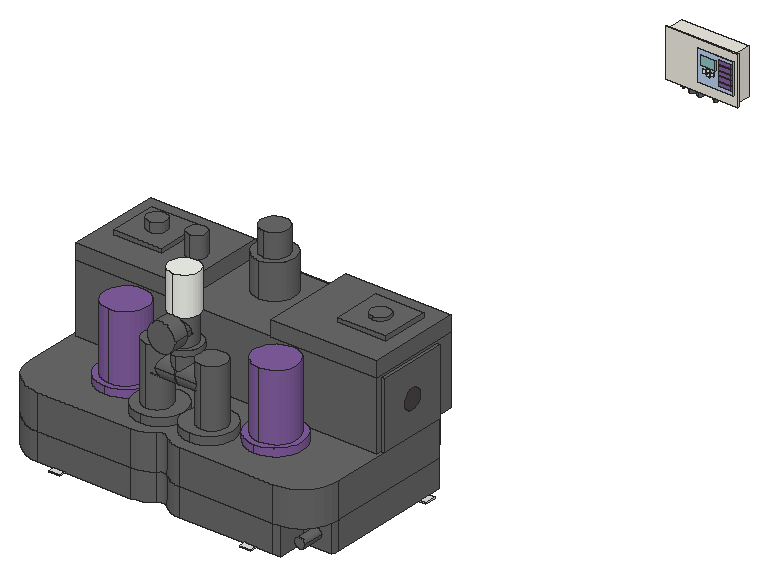
Revit family "11091", category Generic Models, Revit 2021
Family settings
  Can host rebar = No
  Round Connector Dimension = Use Diameter
  Part Type = Normal
  Work Plane-Based = No
  Always vertical = Yes
  Cut with Voids When Loaded = No
  Shared = Yes
  Room Calculation Point = No
Parameters (values of type "11091")
  SUPPLIER = "KESSEL"
  SA700ID49 = "Protection Class I"
  SA700ID48 = "no"
  SA700ID47 = "no"
  SA700ID46 = "yes"
  SA700ID37 = 7000 mm
  SA700ID34 = 38
  SA700ID33 = 1.6 W
  SA700ID32 = 111.59 kg
  SA700ID31 = 1
  SA700ID30 = 2
  SA700ID29 = "RWDR"
  SA700ID21 = 700
  SA700ID10 = "No"
  SA700ID08 = 230 V
  PROCUREWEBLINK = "https://p.caden.as/kessel/11091"
  PROCURELINK = "p.caden.as/kessel/11091"
  PROCUREDATALASTUPDATE = "2024-05-22T12:17:47.70189307+01:00"
  PREVIEW = "../../bilder/ksb_w_11091.png"
  PRC_SPECIFICATIONLINK = "https://ausschreiben.de/catalog/kessel/catalogItem/cbae1637-a4a3-4f5d-8e67-15c084d4bb2f"
  NN = "Lifting station Aqualift F XL"
  NBSYN = "$SA810ID03."
  NB = "11091"
  Model = "11091"
  Manufacturer = "KESSEL"
  MIdent = "{$CADENAS_DATA/23d-libs/kessel/kessel_vdi_import/4/entwaesserung/hebeanlage20aqualift20f20xl.prj},201 {STYP=ASS},{VTYP=3D},{NB=11091},{LINA=11091},{NN=Lifting station Aqualift F XL},{DATE=21.11.2022 10:48:11},{GEOMDATE=21.11.2022 10:48:11},{VERSION=},{LINEID=390},{WBVAR=LODLEVEL},{WBNUMERIC=LODLEVEL}  {NB=11091},{LINA=11091},{KT=DUMMY},{PREVIEW=../../bilder/ksb_w_11091.png},{SA700ID04=Hebeanlage Aqualift F XL 300 l, Duo, SPF 1400-S1, Schieber},{SA810ID06=04026092057582},{SA700ID34=38.00},{SA010ID03=201805},{SA810ID03=11091},{SA810ID10=Aqualift F XL 1400W-S1 Duo 300L m.S.KESSEL Aqualift F XL Hebeanlage für fäkalienhaltiges und fäkalienfreies Abwasser. Zur Aufstellung in frostgeschützten Räumen.Duoanlage mit zwei Pumpen des Typs SPF 1400-S1 Sammelbehälter aus Polyethylen, mit verschraubter Reinigungsöffnung,Anschlussstutzen für Zulauf von oben DN100/150.Inklusive Tauchrohr zur pneumatischen Niveauerfassung,Entlüftungsanschluss DN 70 und Anschluss für eine Handmembranpumpe DN 32.Behälter inklusive Haltewinkel zur Auftriebssicherung.Behältervolumen 300 Liter, max. Nutzvolumen bei Zulauf von oben ca. 175 Liter.Zwei seitliche und drei rückseitige Anbohrflächen zur Montage weiterer Zuläufe bis DN 200 unter Verwendung von Durchgangsdichtungen.Inklusive KESSEL Schaltgerät Aqualift Comfort 230 V.Anwenderfreundliche Menüführung im mehrzeiligem Display. MitSelbstdiagnosesystem (SDS) und Erinnerungsfunktion für nächste Wartung.Anzeige der aktuellen Messwerte. Einfache Einstellung derfunktionsrelevanten Parameter, inklusive Betriebsstundenzähler und  Anschlussmöglichkeit für potentialfreien Kontakt. OptionaleWeiterleitung von Alarm- und Sammelstörmeldung über GSM Schnittstelle.Schaltgerät mit Volltextanzeige in sechs Sprachen.Abwasserpumpe(n) mit Freistromrad zur Förderung von fäkalienfreiem und fäkalienhaltigem Abwasser gemäß DIN EN 12050-1. Freier Kugeldurchgang mindestens 40 mm. Pumpe(n) überflutungssicher.Inklusive Rückflussverhinderer, mit Druckabgang aus Kunststoff DN 100. Inklusive Absperrschieber.Pumpe(n) Typ SPF 1400-S1Fördermenge: max. 38 m³/hFörderhöhe: max. 7 mNennleistung (P2): 1,1 KW je PumpeAufnahmeleistung (P1): 1,6 KW je PumoeBetriebsspannung: 230 V WSNennfrequenz: 50 HzNennstrom: 7,3 AAbsicherung: 1 x 16 A trägeSchutzart (Pumpe): IP68 3mWS/48hSchutzart (Schaltgerät): IP 65Bertiebsart: S1Kabellänge: 5 mAußenmaße Anlage mit 300 Liter Behälter (BxTxH): 1260 x 760 x 770 mmGewicht ca. 111,59 kg},{SA700ID37=7.00},{SA700ID33=1.60},{SA700ID08=230},{SA700ID30=2},{SA700ID32=111.59},{SA700ID49=Schutzklasse I},{SA700ID50=nein},{SA200ID03=6},{SA250ID03=vertikal},{SA260ID03=Trockenläuferpumpe},{SA350ID03=normalansaugend},{SA400ID03=E-Motor für Wechselstrom},{SA460ID03=direkt},{SA500ID03=Kunststoff, Edelstahl},{SA700ID06=100},{SA700ID07=100},{SA700ID09=1/N/PE 230V},{SA700ID10=Nein},{SA700ID11=50},{SA700ID12=IP 68},{SA700ID13=F},{SA700ID15=40},{SA700ID21=700.00},{SA700ID22=1.10},{SA700ID23=1420},{SA700ID24=1420},{SA700ID26=7.30},{SA700ID27=23.00},{SA700ID28=durchgehend},{SA700ID29=RWDR},{SA700ID31=1},{SA700ID46=ja},{SA700ID47=nein},{SA700ID48=nein},{SA110ID04=Hebeanlage Aqualift F XL},{SA300ID03=einstufig},{SA700ID44=10.00},{SA700ID45=10.00},{SA010ID04=KESSEL AG},{LODLEVEL=200},{LINK=https://www.kessel.de/info?han=11091},{SA970ID01=970},{SA970ID02=7181},{SA970ID03=11091},{SA970ID04=11002617},{SA970ID05=QUAD},{SA970ID06=-655.51},{SA970ID07=-635.99},{SA970ID08=0},{SA970ID09=1},{SA970ID10=0},{SA970ID11=0},{SA970ID12=0},{SA970ID13=1},{SA970ID14=0},{SA970ID15=1311.02},{SA970ID16=785.99},{SA970ID17=818.99},{LODLEVEL_=200,'Low'},{LODLEVEL_DEU=200,'Low'},{LINK_=https://www.kessel.de/info?han=11091},{LINK_DEU=https://www.kessel.de/info?han=11091},{LODLEVEL_3DB=11091_200},{DNIN1=100},{DNIN2=70},{DNIN4=10},{DNIN5=10},{DNIN6=50},{DNIN7=50},{DNIN8=50},{DNIN9=50},{DNOUT1=32},{DNOUT2=100},{DNOUT3=70},{ISD1=96},{ISD2=10},{ISDOUT1=40},{ISDOUT2=85},{ISDOUT3=65},{SA010ID01=010},{SA010ID02=4},{SA010ID06=www.kessel.de},{SA010ID07=www.kessel.de},{SA010ID12=20180713},{SA010ID13=DEU},{SA010ID14=DE},{SA100ID01=100},{SA100ID02=4},{SA100ID04=Entwässerung},{SA110ID01=110},{SA110ID02=6},{SA200ID01=200},{SA200ID02=6},{SA250ID01=250},{SA250ID02=2},{SA260ID01=260},{SA260ID02=2},{SA300ID01=300},{SA300ID02=1},{SA350ID01=350},{SA350ID02=1},{SA400ID01=400},{SA400ID02=1},{SA460ID01=460},{SA460ID02=1},{SA500ID01=500},{SA500ID02=1},{SA700ID01=700},{SA700ID02=69},{SA700ID10_=0},{SA700ID16=0},{SA700ID25=0},{SA700ID46_=1},{SA700ID47_=0},{SA700ID48_=0},{SA700ID49_=1},{SA700ID50_=0},{SA800ID01=800},{SA800ID02=33},{SA810ID01=810},{SA810ID02=69},{SA810ID04=11091},{SA810ID07=69},{SA810ID09=1},{SA810ID14=PCE},{SA810ID15=1},{SA810ID16=NMP},{SA960ID03=69},{SA960ID04=3L},{SA960ID08=https://www.kessel.de/info?han=11091},{SA010ID08=4026092000007},{SA100ID05=Hebeanlage},{SA110ID06=Hebeanlage}"
  LINK = "https://www.kessel.de/info?han=11091"
  LINA = "11091"
  Default Elevation = 0 mm
  CREATOR = "CADENAS GmbH"
  CATALOG = "KESSEL"
  BOMINFO = "LINA"
  ARTICLENO = "NB"
  4.810.00.9 Order quantity (multiplicator) = "1"
  4.810.00.7 Media- connection number = "69"
  4.810.00.6 GTIN number = "04026092057582"
  4.810.00.4 DATANORM number = "11091"
  4.810.00.3 Producer order number = "11091"
  4.710.03.7 Mass (net) = 111.59 kg
  4.710.03.6 Height = 806 mm
  4.710.03.5 Width = 760 mm
  4.710.03.4 Length = 1260 mm
  4.710.03.3 Type of dimensions = "2"
  4.710.02.8 Area of application of wastewater pump = "1"
  4.710.02.6 Duty type = "S1"
  4.710.02.5 Cutting device = "0"
  4.710.02.4 Attached pump control = "1"
  4.710.02.3 Free passage = 40 mm
  4.710.01.6 Option to connect to building automation = "40"
  4.710.01.5 Load regulation = "0"
  4.710.01.4 Designation of closed-loop control = "175"
  4.710.01.3 Identifier for closed-loop control = "300"
  4.700.00.9 Voltage = 0
  4.700.00.8 Nominal connection size on suction side = "100"
  4.700.00.7 Nominal connection size on pressure side = "100"
  4.700.00.6 Type of connection = "100"
  4.700.00.4 Product indentification = "Hebeanlage Aqualift F XL 300 l, Duo, SPF 1400-S1, Schieber"
  4.700.00.28 Motor pump shaft = "durchgehend"
  4.700.00.27 Starting current = 23
  4.700.00.26 Maximum power consumption per pump / drive = 7.3
  4.700.00.25 Minimum speed at internal speed adjustment = 0
  4.700.00.24 Nominal speed / maximum speed n = 23.6667
  4.700.00.23 Nominal speed of motor = 23.6667
  4.700.00.22 Maximum shaft output (P2) per pump/drive = 1.1 W
  4.700.00.16 Maximum temperature of pumped medium = 0 °C
  4.700.00.15 Increased safety class = "40 °C"
  4.700.00.13 Type of protection = "F"
  4.700.00.12 Frequency = 0
  4.700.00.11 Stern-/Dreieck-Anlaufschaltung bei Dreiphasenanschluss oder Drehstrom = "50 Hz"
  4.700.00.10 Phase = "0"
  4.500.00.3 Variant / Variant type / Accessories-name = "Kunststoff, Edelstahl"
  4.460.00.3 Variant / Variant type / Accessories-name = "direkt"
  4.400.00.3 Variant / Variant type / Accessories-name = "E-Motor für Wechselstrom"
  4.350.00.3 Variant / Variant type / Accessories-name = "normalansaugend"
  4.300.00.3 Variant / Variant type / Accessories-name = "einstufig"
  4.260.00.3 Variant / Variant type / Accessories-name = "Trockenläuferpumpe"
  4.250.00.3 Variant / Variant type / Accessories-name = "vertikal"
  4.200.00.3 Variant / Variant type / Accessories-name = "6"
  4.110.00.6 Product classification = "Hebeanlage"
  4.110.00.4 Product indentification = "Hebeanlage Aqualift F XL"
  4.100.00.5 Main groups of wares = "Hebeanlage"
  4.100.00.4 Product indentification = "Entwässerung"
  4.010.00.8 Producer ID number = "4026092000007"
  4.010.00.7 Comment = "www.kessel.de"
  4.010.00.6 Web address of the manufacturer = "www.kessel.de"
  4.010.00.4 Manufacturer name = "KESSEL AG"
  4.010.00.3 Date of issuance (month) of guideline = "201805"
  4.010.00.2 Sheet number of the guideline = "4"
  4.010.00.14 Kennungen der Projektländer, für die die Datei gültig ist = "DE"
  4.010.00.13 Sprache der Datei = "DEU"
  4.010.00.12 Stand des Herstellerkatalogs = "20180713"
Reference planes
  plane 1 "Center (Front/Back)": y = 0
  plane 2: z = 0
  plane 3 "Center (Left/Right)": x = 0
Dimensions and locks
  aligned and locked: level to plane 2
Nested families
  nested 1: "11091_content" at (0, 0, 0), type "11091_Content"
  nested 2: "11091_part1_X0Y0" at (1000, 1000, 1200), type "11091_PART1_X0Y0"
  nested 3: "11091_part2_X0Y0" at (0, 0, 0), type "11091_PART2_X0Y0"
Connectors
  electrical at (896, 972.5, 1160.5)
    settings: on nested 2, index 1, voltage 230 V, apparent load 0 VA, apparent load phase1 0 VA, apparent load phase2 0 VA, apparent load phase3 0 VA, power factor 1, load classification "Other", number of poles 3, system type 31, power factor state 1, is connector primary yes, connector utility no, sub classification motor no, connector description ""
  piping at (0, 0, 771), diameter 100
    settings: on nested 3, index 2, connector inside diameter 609.6 mm, connector length 0 mm, flow factor 0, pipe flow 0.0 L/s, pressure drop 0.0 Pa, fitting loss kfactor 0, connector angle 0.00°, fixture units 0, engagement length 0 mm, angle of deflection 0.00°, flow configuration 0, flow direction 1, fitting loss method 2, system type 8, joint type 0, gender type 0, connector reference index -1, connector utility 0, adjustable connector no, is connector primary yes, connector description ""
  piping at (631, -85, 392), diameter 70
    settings: on nested 3, index 3, connector inside diameter 609.6 mm, connector length 0 mm, flow factor 0, pipe flow 0.0 L/s, pressure drop 0.0 Pa, fitting loss kfactor 0, connector angle 0.00°, fixture units 0, engagement length 0 mm, angle of deflection 0.00°, flow configuration 0, flow direction 0, fitting loss method 2, system type 8, joint type 0, gender type 0, connector reference index -1, connector utility 0, adjustable connector no, is connector primary no, connector description ""
  piping at (358.7, 150.5, 392), diameter 70
    settings: on nested 3, index 4, connector inside diameter 609.6 mm, connector length 0 mm, flow factor 0, pipe flow 0.0 L/s, pressure drop 0.0 Pa, fitting loss kfactor 0, connector angle 0.00°, fixture units 0, engagement length 0 mm, angle of deflection 0.00°, flow configuration 0, flow direction 0, fitting loss method 2, system type 8, joint type 0, gender type 0, connector reference index -1, connector utility 0, adjustable connector no, is connector primary no, connector description ""
  piping at (-357.7, 150.5, 392), diameter 70
    settings: on nested 3, index 5, connector inside diameter 609.6 mm, connector length 0 mm, flow factor 0, pipe flow 0.0 L/s, pressure drop 0.0 Pa, fitting loss kfactor 0, connector angle 0.00°, fixture units 0, engagement length 0 mm, angle of deflection 0.00°, flow configuration 0, flow direction 0, fitting loss method 2, system type 8, joint type 0, gender type 0, connector reference index -1, connector utility 0, adjustable connector no, is connector primary no, connector description ""
  piping at (-630, -85, 392), diameter 70
    settings: on nested 3, index 6, connector inside diameter 609.6 mm, connector length 0 mm, flow factor 0, pipe flow 0.0 L/s, pressure drop 0.0 Pa, fitting loss kfactor 0, connector angle 0.00°, fixture units 0, engagement length 0 mm, angle of deflection 0.00°, flow configuration 0, flow direction 0, fitting loss method 2, system type 8, joint type 0, gender type 0, connector reference index -1, connector utility 0, adjustable connector no, is connector primary no, connector description ""
  piping at (0, -578, 611), diameter 100
    settings: on nested 3, index 7, connector inside diameter 609.6 mm, connector length 0 mm, flow factor 0, pipe flow 0.0 L/s, pressure drop 0.0 Pa, fitting loss kfactor 0, connector angle 0.00°, fixture units 0, engagement length 0 mm, angle of deflection 0.00°, flow configuration 0, flow direction 2, fitting loss method 2, system type 7, joint type 0, gender type 0, connector reference index -1, connector utility 0, adjustable connector no, is connector primary no, connector description ""
  piping at (-269.5, -60, 681), diameter 70
    settings: on nested 3, index 8, connector inside diameter 609.6 mm, connector length 0 mm, flow factor 0, pipe flow 0.0 L/s, pressure drop 0.0 Pa, fitting loss kfactor 0, connector angle 0.00°, fixture units 0, engagement length 0 mm, angle of deflection 0.00°, flow configuration 0, flow direction 2, fitting loss method 2, system type 7, joint type 0, gender type 0, connector reference index -1, connector utility 0, adjustable connector no, is connector primary no, connector description ""
  piping at (565, -575.5, 56), diameter 32
    settings: on nested 3, index 9, connector inside diameter 609.6 mm, connector length 0 mm, flow factor 0, pipe flow 0.0 L/s, pressure drop 0.0 Pa, fitting loss kfactor 0, connector angle 0.00°, fixture units 0, engagement length 0 mm, angle of deflection 0.00°, flow configuration 0, flow direction 2, fitting loss method 2, system type 7, joint type 0, gender type 0, connector reference index -1, connector utility 0, adjustable connector no, is connector primary no, connector description ""
  piping at (0, 150.5, 392), diameter 70
    settings: on nested 3, index 10, connector inside diameter 609.6 mm, connector length 0 mm, flow factor 0, pipe flow 0.0 L/s, pressure drop 0.0 Pa, fitting loss kfactor 0, connector angle 0.00°, fixture units 0, engagement length 0 mm, angle of deflection 0.00°, flow configuration 0, flow direction 0, fitting loss method 2, system type 29, joint type 0, gender type 0, connector reference index -1, connector utility 0, adjustable connector no, is connector primary no, connector description ""
  electrical at (305.4, -376.25, 557)
    settings: on nested 3, index 11, voltage 0 V, apparent load 0 VA, apparent load phase1 0 VA, apparent load phase2 0 VA, apparent load phase3 0 VA, power factor 1, load classification "Other", number of poles 1, system type 31, power factor state 1, is connector primary no, connector utility no, sub classification motor no, connector description ""
  electrical at (-305.4, -376.25, 557)
    settings: on nested 3, index 12, voltage 0 V, apparent load 0 VA, apparent load phase1 0 VA, apparent load phase2 0 VA, apparent load phase3 0 VA, power factor 1, load classification "Other", number of poles 1, system type 31, power factor state 1, is connector primary no, connector utility no, sub classification motor no, connector description ""
  electrical at (-457, -29.5, 650)
    settings: on nested 3, index 13, voltage 0 V, apparent load 0 VA, apparent load phase1 0 VA, apparent load phase2 0 VA, apparent load phase3 0 VA, power factor 1, load classification "Other", number of poles 1, system type 31, power factor state 1, is connector primary no, connector utility no, sub classification motor no, connector description ""
Definition of nested family "11091_part1_X0Y0"
  Parameters (values of type "11091_PART1_X0Y0")
    SUPPLIER = "KESSEL"
    SA700ID49 = "Protection Class I"
    SA700ID48 = "no"
    SA700ID47 = "no"
    SA700ID46 = "yes"
    SA700ID37 = 7000 mm
    SA700ID34 = 38
    SA700ID33 = 1.6 W
    SA700ID32 = 111.59 kg
    SA700ID31 = 1
    SA700ID30 = 2
    SA700ID29 = "RWDR"
    SA700ID21 = 700
    SA700ID10 = "No"
    SA700ID08 = 230 V
    PREVIEW = "../../bilder/ksb_w_11091.png"
    NBSYN = "$SA810ID03._PART1"
    NB = "11091_PART1"
    Model = "11091_PART1"
    Manufacturer = "KESSEL"
    MIdent = "{$CADENAS_DATA/23d-libs/kessel/kessel_vdi_import/4/entwaesserung/hebeanlage20aqualift20f20xl.prj},221 {VTYP=3D},{NB=11091_PART1},{LINA=11091_PART1},{NN=Lifting station Aqualift F XL_PART1},{NOPRJ=TRUE},{DATE=21.11.2022 10:48:11},{GEOMDATE=21.11.2022 10:48:11},{VERSION=},{LINEID=390},{WBVAR=LODLEVEL},{WBNUMERIC=LODLEVEL}  {NB=11091_PART1},{LINA=11091_PART1},{KT=DUMMY},{PREVIEW=../../bilder/ksb_w_11091.png},{SA700ID04=Hebeanlage Aqualift F XL 300 l, Duo, SPF 1400-S1, Schieber},{SA810ID06=04026092057582},{SA700ID34=38.00},{SA010ID03=201805},{SA810ID03=11091},{SA810ID10=Aqualift F XL 1400W-S1 Duo 300L m.S.KESSEL Aqualift F XL Hebeanlage für fäkalienhaltiges und fäkalienfreies Abwasser. Zur Aufstellung in frostgeschützten Räumen.Duoanlage mit zwei Pumpen des Typs SPF 1400-S1 Sammelbehälter aus Polyethylen, mit verschraubter Reinigungsöffnung,Anschlussstutzen für Zulauf von oben DN100/150.Inklusive Tauchrohr zur pneumatischen Niveauerfassung,Entlüftungsanschluss DN 70 und Anschluss für eine Handmembranpumpe DN 32.Behälter inklusive Haltewinkel zur Auftriebssicherung.Behältervolumen 300 Liter, max. Nutzvolumen bei Zulauf von oben ca. 175 Liter.Zwei seitliche und drei rückseitige Anbohrflächen zur Montage weiterer Zuläufe bis DN 200 unter Verwendung von Durchgangsdichtungen.Inklusive KESSEL Schaltgerät Aqualift Comfort 230 V.Anwenderfreundliche Menüführung im mehrzeiligem Display. MitSelbstdiagnosesystem (SDS) und Erinnerungsfunktion für nächste Wartung.Anzeige der aktuellen Messwerte. Einfache Einstellung derfunktionsrelevanten Parameter, inklusive Betriebsstundenzähler und  Anschlussmöglichkeit für potentialfreien Kontakt. OptionaleWeiterleitung von Alarm- und Sammelstörmeldung über GSM Schnittstelle.Schaltgerät mit Volltextanzeige in sechs Sprachen.Abwasserpumpe(n) mit Freistromrad zur Förderung von fäkalienfreiem und fäkalienhaltigem Abwasser gemäß DIN EN 12050-1. Freier Kugeldurchgang mindestens 40 mm. Pumpe(n) überflutungssicher.Inklusive Rückflussverhinderer, mit Druckabgang aus Kunststoff DN 100. Inklusive Absperrschieber.Pumpe(n) Typ SPF 1400-S1Fördermenge: max. 38 m³/hFörderhöhe: max. 7 mNennleistung (P2): 1,1 KW je PumpeAufnahmeleistung (P1): 1,6 KW je PumoeBetriebsspannung: 230 V WSNennfrequenz: 50 HzNennstrom: 7,3 AAbsicherung: 1 x 16 A trägeSchutzart (Pumpe): IP68 3mWS/48hSchutzart (Schaltgerät): IP 65Bertiebsart: S1Kabellänge: 5 mAußenmaße Anlage mit 300 Liter Behälter (BxTxH): 1260 x 760 x 770 mmGewicht ca. 111,59 kg},{SA700ID37=7.00},{SA700ID33=1.60},{SA700ID08=230},{SA700ID30=2},{SA700ID32=111.59},{SA700ID49=Schutzklasse I},{SA700ID50=nein},{SA200ID03=6},{SA250ID03=vertikal},{SA260ID03=Trockenläuferpumpe},{SA350ID03=normalansaugend},{SA400ID03=E-Motor für Wechselstrom},{SA460ID03=direkt},{SA500ID03=Kunststoff, Edelstahl},{SA700ID06=100},{SA700ID07=100},{SA700ID09=1/N/PE 230V},{SA700ID10=Nein},{SA700ID11=50},{SA700ID12=IP 68},{SA700ID13=F},{SA700ID15=40},{SA700ID21=700.00},{SA700ID22=1.10},{SA700ID23=1420},{SA700ID24=1420},{SA700ID26=7.30},{SA700ID27=23.00},{SA700ID28=durchgehend},{SA700ID29=RWDR},{SA700ID31=1},{SA700ID46=ja},{SA700ID47=nein},{SA700ID48=nein},{SA110ID04=Hebeanlage Aqualift F XL},{SA300ID03=einstufig},{SA700ID44=10.00},{SA700ID45=10.00},{SA010ID04=KESSEL AG},{LODLEVEL=200},{LINK=https://www.kessel.de/info?han=11091},{SA970ID01=970},{SA970ID02=7181},{SA970ID03=11091},{SA970ID04=11002617},{SA970ID05=QUAD},{SA970ID06=-655.51},{SA970ID07=-635.99},{SA970ID08=0},{SA970ID09=1},{SA970ID10=0},{SA970ID11=0},{SA970ID12=0},{SA970ID13=1},{SA970ID14=0},{SA970ID15=1311.02},{SA970ID16=785.99},{SA970ID17=818.99},{LODLEVEL_=200,'Low'},{LODLEVEL_DEU=200,'Low'},{LINK_=https://www.kessel.de/info?han=11091},{LINK_DEU=https://www.kessel.de/info?han=11091},{LODLEVEL_3DB=11091_200},{DNIN1=100},{DNIN2=70},{DNIN4=10},{DNIN5=10},{DNIN6=50},{DNIN7=50},{DNIN8=50},{DNIN9=50},{DNOUT1=32},{DNOUT2=100},{DNOUT3=70},{ISD1=96},{ISD2=10},{ISDOUT1=40},{ISDOUT2=85},{ISDOUT3=65},{SA010ID01=010},{SA010ID02=4},{SA010ID06=www.kessel.de},{SA010ID07=www.kessel.de},{SA010ID12=20180713},{SA010ID13=DEU},{SA010ID14=DE},{SA100ID01=100},{SA100ID02=4},{SA100ID04=Entwässerung},{SA110ID01=110},{SA110ID02=6},{SA200ID01=200},{SA200ID02=6},{SA250ID01=250},{SA250ID02=2},{SA260ID01=260},{SA260ID02=2},{SA300ID01=300},{SA300ID02=1},{SA350ID01=350},{SA350ID02=1},{SA400ID01=400},{SA400ID02=1},{SA460ID01=460},{SA460ID02=1},{SA500ID01=500},{SA500ID02=1},{SA700ID01=700},{SA700ID02=69},{SA700ID10_=0},{SA700ID16=0},{SA700ID25=0},{SA700ID46_=1},{SA700ID47_=0},{SA700ID48_=0},{SA700ID49_=1},{SA700ID50_=0},{SA800ID01=800},{SA800ID02=33},{SA810ID01=810},{SA810ID02=69},{SA810ID04=11091},{SA810ID07=69},{SA810ID09=1},{SA810ID14=PCE},{SA810ID15=1},{SA810ID16=NMP},{SA960ID03=69},{SA960ID04=3L},{SA960ID08=https://www.kessel.de/info?han=11091},{SA010ID08=4026092000007},{SA100ID05=Hebeanlage},{SA110ID06=Hebeanlage}"
    LINK = "https://www.kessel.de/info?han=11091"
    LINA = "11091_PART1"
    Default Elevation = 1219.2 mm
    CREATOR = "CADENAS GmbH"
    CATALOG = "KESSEL"
    BOMINFO = "LINA"
    ARTICLENO = "NB"
    4.810.00.9 Order quantity (multiplicator) = "1"
    4.810.00.7 Media- connection number = "69"
    4.810.00.6 GTIN number = "04026092057582"
    4.810.00.4 DATANORM number = "11091"
    4.810.00.3 Producer order number = "11091"
    4.710.03.7 Mass (net) = 111.59 kg
    4.710.03.6 Height = 806 mm
    4.710.03.5 Width = 760 mm
    4.710.03.4 Length = 1260 mm
    4.710.03.3 Type of dimensions = "2"
    4.710.02.8 Area of application of wastewater pump = "1"
    4.710.02.6 Duty type = "S1"
    4.710.02.5 Cutting device = "0"
    4.710.02.4 Attached pump control = "1"
    4.710.02.3 Free passage = 40 mm
    4.710.01.6 Option to connect to building automation = "40"
    4.710.01.5 Load regulation = "0"
    4.710.01.4 Designation of closed-loop control = "175"
    4.710.01.3 Identifier for closed-loop control = "300"
    4.700.00.9 Voltage = 0
    4.700.00.8 Nominal connection size on suction side = "100"
    4.700.00.7 Nominal connection size on pressure side = "100"
    4.700.00.6 Type of connection = "100"
    4.700.00.4 Product indentification = "Hebeanlage Aqualift F XL 300 l, Duo, SPF 1400-S1, Schieber"
    4.700.00.28 Motor pump shaft = "durchgehend"
    4.700.00.27 Starting current = 23
    4.700.00.26 Maximum power consumption per pump / drive = 7.3
    4.700.00.25 Minimum speed at internal speed adjustment = 0
    4.700.00.24 Nominal speed / maximum speed n = 23.6667
    4.700.00.23 Nominal speed of motor = 23.6667
    4.700.00.22 Maximum shaft output (P2) per pump/drive = 1.1 W
    4.700.00.16 Maximum temperature of pumped medium = 0 °C
    4.700.00.15 Increased safety class = "40 °C"
    4.700.00.13 Type of protection = "F"
    4.700.00.12 Frequency = 0
    4.700.00.11 Stern-/Dreieck-Anlaufschaltung bei Dreiphasenanschluss oder Drehstrom = "50 Hz"
    4.700.00.10 Phase = "0"
    4.500.00.3 Variant / Variant type / Accessories-name = "Kunststoff, Edelstahl"
    4.460.00.3 Variant / Variant type / Accessories-name = "direkt"
    4.400.00.3 Variant / Variant type / Accessories-name = "E-Motor für Wechselstrom"
    4.350.00.3 Variant / Variant type / Accessories-name = "normalansaugend"
    4.300.00.3 Variant / Variant type / Accessories-name = "einstufig"
    4.260.00.3 Variant / Variant type / Accessories-name = "Trockenläuferpumpe"
    4.250.00.3 Variant / Variant type / Accessories-name = "vertikal"
    4.200.00.3 Variant / Variant type / Accessories-name = "6"
    4.110.00.6 Product classification = "Hebeanlage"
    4.110.00.4 Product indentification = "Hebeanlage Aqualift F XL"
    4.100.00.5 Main groups of wares = "Hebeanlage"
    4.100.00.4 Product indentification = "Entwässerung"
    4.010.00.8 Producer ID number = "4026092000007"
    4.010.00.7 Comment = "www.kessel.de"
    4.010.00.6 Web address of the manufacturer = "www.kessel.de"
    4.010.00.4 Manufacturer name = "KESSEL AG"
    4.010.00.3 Date of issuance (month) of guideline = "201805"
    4.010.00.2 Sheet number of the guideline = "4"
    4.010.00.14 Kennungen der Projektländer, für die die Datei gültig ist = "DE"
    4.010.00.13 Sprache der Datei = "DEU"
    4.010.00.12 Stand des Herstellerkatalogs = "20180713"
  Reference planes
    plane 1 "Center (Front/Back)": y = 0
    plane 2: z = 0
    plane 3 "Center (Left/Right)": x = 0
  Dimensions and locks
    aligned and locked: level to plane 2
  Nested families
    nested 1: "11091_part1_content" at (0, 0, 0), type "11091_PART1_Content"
  Definition of nested family "11091_part1_content"
    Parameters (values of type "11091_PART1_Content")
      SUPPLIER = "KESSEL"
      SA700ID49 = "Protection Class I"
      SA700ID48 = "no"
      SA700ID47 = "no"
      SA700ID46 = "yes"
      SA700ID37 = 7000 mm
      SA700ID34 = 38
      SA700ID33 = 1.6 W
      SA700ID32 = 111.59 kg
      SA700ID31 = 1
      SA700ID30 = 2
      SA700ID29 = "RWDR"
      SA700ID21 = 700
      SA700ID10 = "No"
      SA700ID08 = 230 V
      PREVIEW = "../../bilder/ksb_w_11091.png"
      NBSYN = "$SA810ID03._PART1"
      NB = "11091_PART1"
      Model = "11091_PART1"
      Manufacturer = "KESSEL"
      LINK = "https://www.kessel.de/info?han=11091"
      LINA = "11091_PART1"
      Default Elevation = 1219.2 mm
      CREATOR = "CADENAS GmbH"
      CATALOG = "KESSEL"
      BOMINFO = "LINA"
      ARTICLENO = "NB"
      4.810.00.9 Order quantity (multiplicator) = "1"
      4.810.00.7 Media- connection number = "69"
      4.810.00.6 GTIN number = "04026092057582"
      4.810.00.4 DATANORM number = "11091"
      4.810.00.3 Producer order number = "11091"
      4.710.03.7 Mass (net) = 111.59 kg
      4.710.03.6 Height = 806 mm
      4.710.03.5 Width = 760 mm
      4.710.03.4 Length = 1260 mm
      4.710.03.3 Type of dimensions = "2"
      4.710.02.8 Area of application of wastewater pump = "1"
      4.710.02.6 Duty type = "S1"
      4.710.02.5 Cutting device = "0"
      4.710.02.4 Attached pump control = "1"
      4.710.02.3 Free passage = 40 mm
      4.710.01.6 Option to connect to building automation = "40"
      4.710.01.5 Load regulation = "0"
      4.710.01.4 Designation of closed-loop control = "175"
      4.710.01.3 Identifier for closed-loop control = "300"
      4.700.00.9 Voltage = 0
      4.700.00.8 Nominal connection size on suction side = "100"
      4.700.00.7 Nominal connection size on pressure side = "100"
      4.700.00.6 Type of connection = "100"
      4.700.00.4 Product indentification = "Hebeanlage Aqualift F XL 300 l, Duo, SPF 1400-S1, Schieber"
      4.700.00.28 Motor pump shaft = "durchgehend"
      4.700.00.27 Starting current = 23
      4.700.00.26 Maximum power consumption per pump / drive = 7.3
      4.700.00.25 Minimum speed at internal speed adjustment = 0
      4.700.00.24 Nominal speed / maximum speed n = 23.6667
      4.700.00.23 Nominal speed of motor = 23.6667
      4.700.00.22 Maximum shaft output (P2) per pump/drive = 1.1 W
      4.700.00.16 Maximum temperature of pumped medium = 0 °C
      4.700.00.15 Increased safety class = "40 °C"
      4.700.00.13 Type of protection = "F"
      4.700.00.12 Frequency = 0
      4.700.00.11 Stern-/Dreieck-Anlaufschaltung bei Dreiphasenanschluss oder Drehstrom = "50 Hz"
      4.700.00.10 Phase = "0"
      4.500.00.3 Variant / Variant type / Accessories-name = "Kunststoff, Edelstahl"
      4.460.00.3 Variant / Variant type / Accessories-name = "direkt"
      4.400.00.3 Variant / Variant type / Accessories-name = "E-Motor für Wechselstrom"
      4.350.00.3 Variant / Variant type / Accessories-name = "normalansaugend"
      4.300.00.3 Variant / Variant type / Accessories-name = "einstufig"
      4.260.00.3 Variant / Variant type / Accessories-name = "Trockenläuferpumpe"
      4.250.00.3 Variant / Variant type / Accessories-name = "vertikal"
      4.200.00.3 Variant / Variant type / Accessories-name = "6"
      4.110.00.6 Product classification = "Hebeanlage"
      4.110.00.4 Product indentification = "Hebeanlage Aqualift F XL"
      4.100.00.5 Main groups of wares = "Hebeanlage"
      4.100.00.4 Product indentification = "Entwässerung"
      4.010.00.8 Producer ID number = "4026092000007"
      4.010.00.7 Comment = "www.kessel.de"
      4.010.00.6 Web address of the manufacturer = "www.kessel.de"
      4.010.00.4 Manufacturer name = "KESSEL AG"
      4.010.00.3 Date of issuance (month) of guideline = "201805"
      4.010.00.2 Sheet number of the guideline = "4"
      4.010.00.14 Kennungen der Projektländer, für die die Datei gültig ist = "DE"
      4.010.00.13 Sprache der Datei = "DEU"
      4.010.00.12 Stand des Herstellerkatalogs = "20180713"
    Reference planes
      plane 1 "Center (Front/Back)": y = 0
      plane 2: z = 0
      plane 3 "Center (Left/Right)": x = 0
    Forms (mm)
      Extrusion 1, solid, detail levels medium+fine
        sketch origin (49.8, -68, 72.1) x (0, -1, 0) y (0, 0, 1)
          loop
            line (-0.5, 12) -> (-0.5, 0) -> (1, 0) -> (1, 12) -> (-0.5, 12)
        from 0 to 12
      Extrusion 2, solid, detail levels medium+fine
        sketch origin (129.3, -67, 28.2) x (0, -1, 0) y (0, 0, 1)
          loop
            line (-0.5, 127) -> (-0.5, 0) -> (1, 0) -> (1, 127) -> (-0.5, 127)
        from 0 to 146
      Extrusion 3, solid, detail levels medium+fine
        sketch origin (33.3, -68, 80.45) x (0, -1, 0) y (0, 0, 1)
          loop
            line (-0.5, 12) -> (-0.5, 0) -> (1, 0) -> (1, 12) -> (-0.5, 12)
        from 0 to 12
      Extrusion 4, solid, detail levels medium+fine
        sketch origin (33.3, -68, 63.95) x (0, -1, 0) y (0, 0, 1)
          loop
            line (-0.5, 12) -> (-0.5, 0) -> (1, 0) -> (1, 12) -> (-0.5, 12)
        from 0 to 12
      Extrusion 5, solid, detail levels medium+fine
        sketch origin (56.3, -68, 95.45) x (0, -1, 0) y (0, 0, 1)
          loop
            line (-0.5, 37) -> (-0.5, 0) -> (1, 0) -> (1, 37) -> (-0.5, 37)
        from 0 to 60
      Extrusion 6, solid, detail levels medium+fine
        sketch origin (121.8, -68, 85.7) x (0, -1, 0) y (0, 0, 1)
          loop
            line (0, 16) -> (0, 0) -> (2, 0) -> (2, 16) -> (0, 16)
        from 0 to 51
      Extrusion 7, solid, detail levels medium+fine
        sketch origin (121.8, -68, 65.7) x (0, -1, 0) y (0, 0, 1)
          loop
            line (0, 16) -> (0, 0) -> (2, 0) -> (2, 16) -> (0, 16)
        from 0 to 51
      Extrusion 8, solid, detail levels medium+fine
        sketch origin (121.8, -68, 105.7) x (0, -1, 0) y (0, 0, 1)
          loop
            line (0, 16) -> (0, 0) -> (2, 0) -> (2, 16) -> (0, 16)
        from 0 to 51
      Extrusion 9, solid, detail levels medium+fine
        sketch origin (16.8, -68, 72.2) x (0, -1, 0) y (0, 0, 1)
          loop
            line (-0.5, 12) -> (-0.5, 0) -> (1, 0) -> (1, 12) -> (-0.5, 12)
        from 0 to 12
      Extrusion 10, solid, detail levels medium+fine
        sketch origin (121.8, -68, 45.7) x (0, -1, 0) y (0, 0, 1)
          loop
            line (0, 16) -> (0, 0) -> (2, 0) -> (2, 16) -> (0, 16)
        from 0 to 51
      Extrusion 11, solid, detail levels medium+fine
        sketch origin (147, -63.5, -7) x (0, -1, 0) y (0, 0, 1)
          loop
            line (0, 194) -> (0, 0) -> (3.5, 0) -> (3.5, 194) -> (0, 194)
        from 0 to 294
      Extrusion 12, solid, detail levels medium+fine
        sketch origin (136.25, 0, 0) x (0, -1, 0) y (0, 0, 1)
          loop
            line (0, 184) -> (0, 0) -> (63.5, 0) -> (63.5, 184) -> (0, 184)
        from 0 to 272.5
      Extrusion 13, solid, detail levels medium+fine
        sketch origin (121.75, -68, 125.75) x (0, -1, 0) y (0, 0, 1)
          loop
            line (0, 16) -> (0, 0) -> (2, 0) -> (2, 16) -> (0, 16)
        from 0 to 51
      Extrusion 14, solid, detail levels medium+fine
        sketch origin (26, -27.5, 0) x (1, 0, 0) y (0, -1, 0)
          loop
            circle (0, 0) r 11
        from 0 to 11
      Extrusion 15, solid, detail levels medium+fine
        sketch origin (26, -27.5, -11) x (1, 0, 0) y (0, -1, 0)
          loop
            circle (0, 0) r 11
        from 0 to 19.8
      Extrusion 16, solid, detail levels medium+fine
        sketch origin (26, -27.5, -30.7) x (1, 0, 0) y (0, -1, 0)
          loop
            circle (0, 0) r 6
        from 0 to 13.75
      Extrusion 17, solid, detail levels medium+fine
        sketch origin (2, -27.5, 0) x (1, 0, 0) y (0, -1, 0)
          loop
            circle (0, 0) r 11
        from 0 to 20
      Extrusion 18, solid, detail levels medium+fine
        sketch origin (2, -27.5, -20) x (1, 0, 0) y (0, -1, 0)
          loop
            circle (0, 0) r 8.65
        from 0 to 9.8
      Extrusion 19, solid, detail levels medium+fine
        sketch origin (-36, -27.5, 0) x (1, 0, 0) y (0, -1, 0)
          loop
            circle (0, 0) r 12
        from 0 to 15
      Extrusion 20, solid, detail levels medium+fine
        sketch origin (-36, -27.5, -15) x (1, 0, 0) y (0, -1, 0)
          loop
            circle (0, 0) r 11.75
        from 0 to 27.1
      Extrusion 21, solid, detail levels medium+fine
        sketch origin (54, -27.5, 0) x (1, 0, 0) y (0, -1, 0)
          loop
            circle (0, 0) r 10
        from 0 to 1.5
      Extrusion 22, solid, detail levels medium+fine
        sketch origin (-70, -27.5, 0) x (1, 0, 0) y (0, -1, 0)
          loop
            circle (0, 0) r 12
        from 0 to 15
      Extrusion 23, solid, detail levels medium+fine
        sketch origin (-70, -27.5, -15) x (1, 0, 0) y (0, -1, 0)
          loop
            circle (0, 0) r 11.75
        from 0 to 27.1
      Extrusion 24, solid, detail levels medium+fine
        sketch origin (82, -27.5, 0) x (1, 0, 0) y (0, -1, 0)
          loop
            circle (0, 0) r 10
        from 0 to 1.5
      Extrusion 25, solid, detail levels medium+fine
        sketch origin (-104, -27.5, 0) x (1, 0, 0) y (0, -1, 0)
          loop
            circle (0, 0) r 10
        from 0 to 9
      Extrusion 26, solid, detail levels medium+fine
        sketch origin (-104, -27.5, -9) x (1, 0, 0) y (0, -1, 0)
          loop
            circle (0, 0) r 11
        from 0 to 20.5
      Extrusion 27, solid, detail levels medium+fine
        sketch origin (-104, -27.5, -29.5) x (1, 0, 0) y (0, -1, 0)
          loop
            circle (0, 0) r 3
        from 0 to 10
      Extrusion 28, solid, detail levels medium+fine
        sketch origin (110, -27.5, 0) x (1, 0, 0) y (0, -1, 0)
          loop
            circle (0, 0) r 13.5
        from 0 to 1.5
      Extrusion 29, solid, detail levels coarse
        sketch origin (0, -35, -44.45) x (1, 0, 0) y (0, 1, 0)
          loop
            line (-147, -35) -> (147, -35) -> (147, 35) -> (-147, 35) -> (-147, -35)
        from 0 to 231.45
    Dimensions and locks
      aligned and locked: level to plane 2
Definition of nested family "11091_part2_X0Y0"
  Parameters (values of type "11091_PART2_X0Y0")
    SUPPLIER = "KESSEL"
    SA700ID49 = "Protection Class I"
    SA700ID48 = "no"
    SA700ID47 = "no"
    SA700ID46 = "yes"
    SA700ID37 = 7000 mm
    SA700ID34 = 38
    SA700ID33 = 1.6 W
    SA700ID32 = 111.59 kg
    SA700ID31 = 1
    SA700ID30 = 2
    SA700ID29 = "RWDR"
    SA700ID21 = 700
    SA700ID10 = "No"
    SA700ID08 = 230 V
    PREVIEW = "../../bilder/ksb_w_11091.png"
    NBSYN = "$SA810ID03._PART2"
    NB = "11091_PART2"
    Model = "11091_PART2"
    Manufacturer = "KESSEL"
    MIdent = "{$CADENAS_DATA/23d-libs/kessel/kessel_vdi_import/4/entwaesserung/hebeanlage20aqualift20f20xl.prj},221 {VTYP=3D},{NB=11091_PART2},{LINA=11091_PART2},{NN=Lifting station Aqualift F XL_PART2},{NOPRJ=TRUE},{DATE=21.11.2022 10:48:11},{GEOMDATE=21.11.2022 10:48:11},{VERSION=},{LINEID=390},{WBVAR=LODLEVEL},{WBNUMERIC=LODLEVEL}  {NB=11091_PART2},{LINA=11091_PART2},{KT=DUMMY},{PREVIEW=../../bilder/ksb_w_11091.png},{SA700ID04=Hebeanlage Aqualift F XL 300 l, Duo, SPF 1400-S1, Schieber},{SA810ID06=04026092057582},{SA700ID34=38.00},{SA010ID03=201805},{SA810ID03=11091},{SA810ID10=Aqualift F XL 1400W-S1 Duo 300L m.S.KESSEL Aqualift F XL Hebeanlage für fäkalienhaltiges und fäkalienfreies Abwasser. Zur Aufstellung in frostgeschützten Räumen.Duoanlage mit zwei Pumpen des Typs SPF 1400-S1 Sammelbehälter aus Polyethylen, mit verschraubter Reinigungsöffnung,Anschlussstutzen für Zulauf von oben DN100/150.Inklusive Tauchrohr zur pneumatischen Niveauerfassung,Entlüftungsanschluss DN 70 und Anschluss für eine Handmembranpumpe DN 32.Behälter inklusive Haltewinkel zur Auftriebssicherung.Behältervolumen 300 Liter, max. Nutzvolumen bei Zulauf von oben ca. 175 Liter.Zwei seitliche und drei rückseitige Anbohrflächen zur Montage weiterer Zuläufe bis DN 200 unter Verwendung von Durchgangsdichtungen.Inklusive KESSEL Schaltgerät Aqualift Comfort 230 V.Anwenderfreundliche Menüführung im mehrzeiligem Display. MitSelbstdiagnosesystem (SDS) und Erinnerungsfunktion für nächste Wartung.Anzeige der aktuellen Messwerte. Einfache Einstellung derfunktionsrelevanten Parameter, inklusive Betriebsstundenzähler und  Anschlussmöglichkeit für potentialfreien Kontakt. OptionaleWeiterleitung von Alarm- und Sammelstörmeldung über GSM Schnittstelle.Schaltgerät mit Volltextanzeige in sechs Sprachen.Abwasserpumpe(n) mit Freistromrad zur Förderung von fäkalienfreiem und fäkalienhaltigem Abwasser gemäß DIN EN 12050-1. Freier Kugeldurchgang mindestens 40 mm. Pumpe(n) überflutungssicher.Inklusive Rückflussverhinderer, mit Druckabgang aus Kunststoff DN 100. Inklusive Absperrschieber.Pumpe(n) Typ SPF 1400-S1Fördermenge: max. 38 m³/hFörderhöhe: max. 7 mNennleistung (P2): 1,1 KW je PumpeAufnahmeleistung (P1): 1,6 KW je PumoeBetriebsspannung: 230 V WSNennfrequenz: 50 HzNennstrom: 7,3 AAbsicherung: 1 x 16 A trägeSchutzart (Pumpe): IP68 3mWS/48hSchutzart (Schaltgerät): IP 65Bertiebsart: S1Kabellänge: 5 mAußenmaße Anlage mit 300 Liter Behälter (BxTxH): 1260 x 760 x 770 mmGewicht ca. 111,59 kg},{SA700ID37=7.00},{SA700ID33=1.60},{SA700ID08=230},{SA700ID30=2},{SA700ID32=111.59},{SA700ID49=Schutzklasse I},{SA700ID50=nein},{SA200ID03=6},{SA250ID03=vertikal},{SA260ID03=Trockenläuferpumpe},{SA350ID03=normalansaugend},{SA400ID03=E-Motor für Wechselstrom},{SA460ID03=direkt},{SA500ID03=Kunststoff, Edelstahl},{SA700ID06=100},{SA700ID07=100},{SA700ID09=1/N/PE 230V},{SA700ID10=Nein},{SA700ID11=50},{SA700ID12=IP 68},{SA700ID13=F},{SA700ID15=40},{SA700ID21=700.00},{SA700ID22=1.10},{SA700ID23=1420},{SA700ID24=1420},{SA700ID26=7.30},{SA700ID27=23.00},{SA700ID28=durchgehend},{SA700ID29=RWDR},{SA700ID31=1},{SA700ID46=ja},{SA700ID47=nein},{SA700ID48=nein},{SA110ID04=Hebeanlage Aqualift F XL},{SA300ID03=einstufig},{SA700ID44=10.00},{SA700ID45=10.00},{SA010ID04=KESSEL AG},{LODLEVEL=200},{LINK=https://www.kessel.de/info?han=11091},{SA970ID01=970},{SA970ID02=7181},{SA970ID03=11091},{SA970ID04=11002617},{SA970ID05=QUAD},{SA970ID06=-655.51},{SA970ID07=-635.99},{SA970ID08=0},{SA970ID09=1},{SA970ID10=0},{SA970ID11=0},{SA970ID12=0},{SA970ID13=1},{SA970ID14=0},{SA970ID15=1311.02},{SA970ID16=785.99},{SA970ID17=818.99},{LODLEVEL_=200,'Low'},{LODLEVEL_DEU=200,'Low'},{LINK_=https://www.kessel.de/info?han=11091},{LINK_DEU=https://www.kessel.de/info?han=11091},{LODLEVEL_3DB=11091_200},{DNIN1=100},{DNIN2=70},{DNIN4=10},{DNIN5=10},{DNIN6=50},{DNIN7=50},{DNIN8=50},{DNIN9=50},{DNOUT1=32},{DNOUT2=100},{DNOUT3=70},{ISD1=96},{ISD2=10},{ISDOUT1=40},{ISDOUT2=85},{ISDOUT3=65},{SA010ID01=010},{SA010ID02=4},{SA010ID06=www.kessel.de},{SA010ID07=www.kessel.de},{SA010ID12=20180713},{SA010ID13=DEU},{SA010ID14=DE},{SA100ID01=100},{SA100ID02=4},{SA100ID04=Entwässerung},{SA110ID01=110},{SA110ID02=6},{SA200ID01=200},{SA200ID02=6},{SA250ID01=250},{SA250ID02=2},{SA260ID01=260},{SA260ID02=2},{SA300ID01=300},{SA300ID02=1},{SA350ID01=350},{SA350ID02=1},{SA400ID01=400},{SA400ID02=1},{SA460ID01=460},{SA460ID02=1},{SA500ID01=500},{SA500ID02=1},{SA700ID01=700},{SA700ID02=69},{SA700ID10_=0},{SA700ID16=0},{SA700ID25=0},{SA700ID46_=1},{SA700ID47_=0},{SA700ID48_=0},{SA700ID49_=1},{SA700ID50_=0},{SA800ID01=800},{SA800ID02=33},{SA810ID01=810},{SA810ID02=69},{SA810ID04=11091},{SA810ID07=69},{SA810ID09=1},{SA810ID14=PCE},{SA810ID15=1},{SA810ID16=NMP},{SA960ID03=69},{SA960ID04=3L},{SA960ID08=https://www.kessel.de/info?han=11091},{SA010ID08=4026092000007},{SA100ID05=Hebeanlage},{SA110ID06=Hebeanlage}"
    LINK = "https://www.kessel.de/info?han=11091"
    LINA = "11091_PART2"
    Default Elevation = 1219.2 mm
    CREATOR = "CADENAS GmbH"
    CATALOG = "KESSEL"
    BOMINFO = "LINA"
    ARTICLENO = "NB"
    4.810.00.9 Order quantity (multiplicator) = "1"
    4.810.00.7 Media- connection number = "69"
    4.810.00.6 GTIN number = "04026092057582"
    4.810.00.4 DATANORM number = "11091"
    4.810.00.3 Producer order number = "11091"
    4.710.03.7 Mass (net) = 111.59 kg
    4.710.03.6 Height = 806 mm
    4.710.03.5 Width = 760 mm
    4.710.03.4 Length = 1260 mm
    4.710.03.3 Type of dimensions = "2"
    4.710.02.8 Area of application of wastewater pump = "1"
    4.710.02.6 Duty type = "S1"
    4.710.02.5 Cutting device = "0"
    4.710.02.4 Attached pump control = "1"
    4.710.02.3 Free passage = 40 mm
    4.710.01.6 Option to connect to building automation = "40"
    4.710.01.5 Load regulation = "0"
    4.710.01.4 Designation of closed-loop control = "175"
    4.710.01.3 Identifier for closed-loop control = "300"
    4.700.00.9 Voltage = 0
    4.700.00.8 Nominal connection size on suction side = "100"
    4.700.00.7 Nominal connection size on pressure side = "100"
    4.700.00.6 Type of connection = "100"
    4.700.00.4 Product indentification = "Hebeanlage Aqualift F XL 300 l, Duo, SPF 1400-S1, Schieber"
    4.700.00.28 Motor pump shaft = "durchgehend"
    4.700.00.27 Starting current = 23
    4.700.00.26 Maximum power consumption per pump / drive = 7.3
    4.700.00.25 Minimum speed at internal speed adjustment = 0
    4.700.00.24 Nominal speed / maximum speed n = 23.6667
    4.700.00.23 Nominal speed of motor = 23.6667
    4.700.00.22 Maximum shaft output (P2) per pump/drive = 1.1 W
    4.700.00.16 Maximum temperature of pumped medium = 0 °C
    4.700.00.15 Increased safety class = "40 °C"
    4.700.00.13 Type of protection = "F"
    4.700.00.12 Frequency = 0
    4.700.00.11 Stern-/Dreieck-Anlaufschaltung bei Dreiphasenanschluss oder Drehstrom = "50 Hz"
    4.700.00.10 Phase = "0"
    4.500.00.3 Variant / Variant type / Accessories-name = "Kunststoff, Edelstahl"
    4.460.00.3 Variant / Variant type / Accessories-name = "direkt"
    4.400.00.3 Variant / Variant type / Accessories-name = "E-Motor für Wechselstrom"
    4.350.00.3 Variant / Variant type / Accessories-name = "normalansaugend"
    4.300.00.3 Variant / Variant type / Accessories-name = "einstufig"
    4.260.00.3 Variant / Variant type / Accessories-name = "Trockenläuferpumpe"
    4.250.00.3 Variant / Variant type / Accessories-name = "vertikal"
    4.200.00.3 Variant / Variant type / Accessories-name = "6"
    4.110.00.6 Product classification = "Hebeanlage"
    4.110.00.4 Product indentification = "Hebeanlage Aqualift F XL"
    4.100.00.5 Main groups of wares = "Hebeanlage"
    4.100.00.4 Product indentification = "Entwässerung"
    4.010.00.8 Producer ID number = "4026092000007"
    4.010.00.7 Comment = "www.kessel.de"
    4.010.00.6 Web address of the manufacturer = "www.kessel.de"
    4.010.00.4 Manufacturer name = "KESSEL AG"
    4.010.00.3 Date of issuance (month) of guideline = "201805"
    4.010.00.2 Sheet number of the guideline = "4"
    4.010.00.14 Kennungen der Projektländer, für die die Datei gültig ist = "DE"
    4.010.00.13 Sprache der Datei = "DEU"
    4.010.00.12 Stand des Herstellerkatalogs = "20180713"
  Reference planes
    plane 1 "Center (Front/Back)": y = 0
    plane 2: z = 0
    plane 3 "Center (Left/Right)": x = 0
  Dimensions and locks
    aligned and locked: level to plane 2
  Nested families
    nested 1: "11091_part2_content" at (0, 0, 0), type "11091_PART2_Content"
  Definition of nested family "11091_part2_content"
    Parameters (values of type "11091_PART2_Content")
      SUPPLIER = "KESSEL"
      SA700ID49 = "Protection Class I"
      SA700ID48 = "no"
      SA700ID47 = "no"
      SA700ID46 = "yes"
      SA700ID37 = 7000 mm
      SA700ID34 = 38
      SA700ID33 = 1.6 W
      SA700ID32 = 111.59 kg
      SA700ID31 = 1
      SA700ID30 = 2
      SA700ID29 = "RWDR"
      SA700ID21 = 700
      SA700ID10 = "No"
      SA700ID08 = 230 V
      PREVIEW = "../../bilder/ksb_w_11091.png"
      NBSYN = "$SA810ID03._PART2"
      NB = "11091_PART2"
      Model = "11091_PART2"
      Manufacturer = "KESSEL"
      LINK = "https://www.kessel.de/info?han=11091"
      LINA = "11091_PART2"
      Default Elevation = 1219.2 mm
      CREATOR = "CADENAS GmbH"
      CATALOG = "KESSEL"
      BOMINFO = "LINA"
      ARTICLENO = "NB"
      4.810.00.9 Order quantity (multiplicator) = "1"
      4.810.00.7 Media- connection number = "69"
      4.810.00.6 GTIN number = "04026092057582"
      4.810.00.4 DATANORM number = "11091"
      4.810.00.3 Producer order number = "11091"
      4.710.03.7 Mass (net) = 111.59 kg
      4.710.03.6 Height = 806 mm
      4.710.03.5 Width = 760 mm
      4.710.03.4 Length = 1260 mm
      4.710.03.3 Type of dimensions = "2"
      4.710.02.8 Area of application of wastewater pump = "1"
      4.710.02.6 Duty type = "S1"
      4.710.02.5 Cutting device = "0"
      4.710.02.4 Attached pump control = "1"
      4.710.02.3 Free passage = 40 mm
      4.710.01.6 Option to connect to building automation = "40"
      4.710.01.5 Load regulation = "0"
      4.710.01.4 Designation of closed-loop control = "175"
      4.710.01.3 Identifier for closed-loop control = "300"
      4.700.00.9 Voltage = 0
      4.700.00.8 Nominal connection size on suction side = "100"
      4.700.00.7 Nominal connection size on pressure side = "100"
      4.700.00.6 Type of connection = "100"
      4.700.00.4 Product indentification = "Hebeanlage Aqualift F XL 300 l, Duo, SPF 1400-S1, Schieber"
      4.700.00.28 Motor pump shaft = "durchgehend"
      4.700.00.27 Starting current = 23
      4.700.00.26 Maximum power consumption per pump / drive = 7.3
      4.700.00.25 Minimum speed at internal speed adjustment = 0
      4.700.00.24 Nominal speed / maximum speed n = 23.6667
      4.700.00.23 Nominal speed of motor = 23.6667
      4.700.00.22 Maximum shaft output (P2) per pump/drive = 1.1 W
      4.700.00.16 Maximum temperature of pumped medium = 0 °C
      4.700.00.15 Increased safety class = "40 °C"
      4.700.00.13 Type of protection = "F"
      4.700.00.12 Frequency = 0
      4.700.00.11 Stern-/Dreieck-Anlaufschaltung bei Dreiphasenanschluss oder Drehstrom = "50 Hz"
      4.700.00.10 Phase = "0"
      4.500.00.3 Variant / Variant type / Accessories-name = "Kunststoff, Edelstahl"
      4.460.00.3 Variant / Variant type / Accessories-name = "direkt"
      4.400.00.3 Variant / Variant type / Accessories-name = "E-Motor für Wechselstrom"
      4.350.00.3 Variant / Variant type / Accessories-name = "normalansaugend"
      4.300.00.3 Variant / Variant type / Accessories-name = "einstufig"
      4.260.00.3 Variant / Variant type / Accessories-name = "Trockenläuferpumpe"
      4.250.00.3 Variant / Variant type / Accessories-name = "vertikal"
      4.200.00.3 Variant / Variant type / Accessories-name = "6"
      4.110.00.6 Product classification = "Hebeanlage"
      4.110.00.4 Product indentification = "Hebeanlage Aqualift F XL"
      4.100.00.5 Main groups of wares = "Hebeanlage"
      4.100.00.4 Product indentification = "Entwässerung"
      4.010.00.8 Producer ID number = "4026092000007"
      4.010.00.7 Comment = "www.kessel.de"
      4.010.00.6 Web address of the manufacturer = "www.kessel.de"
      4.010.00.4 Manufacturer name = "KESSEL AG"
      4.010.00.3 Date of issuance (month) of guideline = "201805"
      4.010.00.2 Sheet number of the guideline = "4"
      4.010.00.14 Kennungen der Projektländer, für die die Datei gültig ist = "DE"
      4.010.00.13 Sprache der Datei = "DEU"
      4.010.00.12 Stand des Herstellerkatalogs = "20180713"
    Reference planes
      plane 1 "Center (Front/Back)": y = 0
      plane 2: z = 0
      plane 3 "Center (Left/Right)": x = 0
    Forms (mm)
      Extrusion 1, solid, detail levels medium+fine
        sketch origin (0, -460, 112.5) x (1, 0, 0) y (0, 1, 0)
          loop
            arc (-629.5, 0) -> (-585.566, -106.066) -> (-479.5, -150) r 150
            line (-479.5, -150) -> (-99.995, -150)
            arc (-99.995, -150) -> (-57.127, -141.301) -> (-21.04, -116.58) r 109.976
            arc (-21.04, -116.58) -> (0.5, -107.47) -> (22.04, -116.58) r 30.02
            arc (22.04, -116.58) -> (58.127, -141.301) -> (100.995, -150) r 109.976
            line (100.995, -150) -> (480.5, -150)
            arc (480.5, -150) -> (586.566, -106.066) -> (630.5, 0) r 150
            line (630.5, 0) -> (630.5, 512.55) -> (622.17, 517.91)
            arc (622.17, 517.91) -> (590.244, 558.152) -> (542.55, 577.23) r 99.983
            line (542.55, 577.23) -> (499.4, 582.28) -> (499.4, 600) -> (-498.4, 600) -> (-498.4, 582.28) -> (-541.55, 577.23)
            arc (-541.55, 577.23) -> (-589.244, 558.152) -> (-621.17, 517.91) r 99.983
            line (-621.17, 517.91) -> (-629.5, 512.55) -> (-629.5, 0)
        from 0 to 143.5
      Extrusion 2, solid, detail levels medium+fine
        sketch origin (0.5, -460, 1) x (1, 0, 0) y (0, 1, 0)
          loop
            arc (-630, 0) -> (-586.066, -106.066) -> (-480, -150) r 150
            line (-480, -150) -> (-100.495, -150)
            arc (-100.495, -150) -> (-57.627, -141.301) -> (-21.54, -116.58) r 109.976
            arc (-21.54, -116.58) -> (0, -107.47) -> (21.54, -116.58) r 30.02
            line (21.54, -116.58) -> (23.04, -118.1)
            arc (23.04, -118.1) -> (58.613, -141.713) -> (100.498, -150) r 109.99
            line (100.498, -150) -> (480, -150)
            arc (480, -150) -> (494.569, -149.291) -> (509, -147.17) r 150.003
            line (509, -147.17) -> (509, -32) -> (626.55, -32)
            arc (626.55, -32) -> (629.134, -16.093) -> (630, 0) r 150.261
            line (630, 0) -> (630, 512.55) -> (621.67, 517.91)
            arc (621.67, 517.91) -> (589.744, 558.152) -> (542.05, 577.23) r 99.983
            line (542.05, 577.23) -> (498.9, 582.28) -> (498.9, 600) -> (-498.9, 600) -> (-498.9, 582.28) -> (-542.05, 577.23)
            arc (-542.05, 577.23) -> (-589.744, 558.152) -> (-621.67, 517.91) r 99.983
            line (-621.67, 517.91) -> (-630, 512.55) -> (-630, 0)
        from 0 to 111.5
      Extrusion 3, solid, detail levels medium+fine
        sketch origin (100, -460, 256) x (0, 1, 0) y (-1, 0, 0)
          loop
            circle (0, 0) r 100
        from 0 to 32
      Extrusion 4, solid, detail levels medium+fine
        sketch origin (112, -460, 288) x (0, 1, 0) y (-1, 0, 0)
          loop
            circle (0, 0) r 56
        from 0 to 234
      Extrusion 5, solid, detail levels medium+fine
        sketch origin (0, -460, 440) x (0, 1, 0) y (0, 0, 1)
          loop
            circle (0, 0) r 48.5
        from 0 to 112
      Extrusion 6, solid, detail levels medium+fine
        sketch origin (0, -460, 440) x (0, 1, 0) y (-1, 0, 0)
          loop
            circle (0, 0) r 45
        from 0 to 87
      Extrusion 7, solid, detail levels medium+fine
        sketch origin (0, -460, 527) x (0, 1, 0) y (-1, 0, 0)
          loop
            circle (0, 0) r 67
        from 0 to 21
      Extrusion 8, solid, detail levels medium+fine
        sketch origin (0, -460, 548) x (0, 1, 0) y (-1, 0, 0)
          loop
            circle (0, 0) r 48
        from 0 to 115.8
      Extrusion 9, solid, detail levels medium+fine
        sketch origin (0, -460, 611) x (1, 0, 0) y (0, 0, 1)
          loop
            circle (0, 0) r 43
        from 0 to 58
      Extrusion 10, solid, detail levels medium+fine
        sketch origin (0, -518, 611) x (1, 0, 0) y (0, 0, 1)
          loop
            circle (0, 0) r 57
        from 0 to 60
      Extrusion 11, solid, detail levels medium+fine
        sketch origin (0, -460, 440) x (0, -1, 0) y (0, 0, 1)
          loop
            circle (0, 0) r 48.5
        from 0 to 112
      Extrusion 12, solid, detail levels medium+fine
        sketch origin (-112, -460, 288) x (0, -1, 0) y (1, 0, 0)
          loop
            circle (0, 0) r 56
        from 0 to 234
      Extrusion 13, solid, detail levels medium+fine
        sketch origin (-100, -460, 255) x (0, -1, 0) y (1, 0, 0)
          loop
            circle (0, 0) r 100.1
        from 0 to 33
      Extrusion 14, solid, detail levels medium+fine
        sketch origin (0, -460, 663.8) x (0, 1, 0) y (-1, 0, 0)
          loop
            circle (0, 0) r 58.5
        from 0 to 155.2
      Extrusion 15, solid, detail levels medium+fine
        sketch origin (-305.4, -376.25, 256) x (0, 1, 0) y (-1, 0, 0)
          loop
            circle (0, 0) r 110
        from 0 to 30
      Extrusion 16, solid, detail levels medium+fine
        sketch origin (-305.4, -376.25, 286) x (0, 1, 0) y (-1, 0, 0)
          loop
            circle (0, 0) r 86
        from 0 to 271
      Extrusion 17, solid, detail levels medium+fine
        sketch origin (305.4, -376.25, 256) x (0, 1, 0) y (-1, 0, 0)
          loop
            circle (0, 0) r 110
        from 0 to 30
      Extrusion 18, solid, detail levels medium+fine
        sketch origin (305.4, -376.25, 286) x (0, 1, 0) y (-1, 0, 0)
          loop
            circle (0, 0) r 86
        from 0 to 271
      Extrusion 19, solid, detail levels medium+fine
        sketch origin (-614, -248.4, 256) x (0, 1, 0) y (0, 0, 1)
          loop
            line (0, 279) -> (0, 0) -> (382.4, 0) -> (382.4, 279) -> (0, 279)
        from 0 to 1229
      Extrusion 20, solid, detail levels medium+fine
        sketch origin (-140.875, 134, 161) x (0, 1, 0) y (0, 0, 1)
          loop
            line (0, 366.75) -> (0, 0) -> (16, 0) -> (16, 366.75) -> (0, 366.75)
        from 0 to 281.75
      Extrusion 21, solid, detail levels medium+fine
        sketch origin (0, 149, 392) x (1, 0, 0) y (0, 0, -1)
          loop
            circle (0, 0) r 40
        from 0 to 1.5
      Extrusion 22, solid, detail levels medium+fine
        sketch origin (0, 0, 535) x (0, 1, 0) y (-1, 0, 0)
          loop
            circle (0, 0) r 80
        from 0 to 140
      Extrusion 23, solid, detail levels medium+fine
        sketch origin (0, 0, 675) x (0, 1, 0) y (-1, 0, 0)
          loop
            circle (0, 0) r 55
        from 0 to 96
      Extrusion 24, solid, detail levels medium+fine
        sketch origin (-498.4, 134, 161) x (0, 1, 0) y (0, 0, 1)
          loop
            line (0, 366.75) -> (0, 0) -> (16, 0) -> (16, 366.75) -> (0, 366.75)
        from 0 to 281.75
      Extrusion 25, solid, detail levels medium+fine
        sketch origin (-357.7, 149, 392) x (1, 0, 0) y (0, 0, -1)
          loop
            circle (0, 0) r 40
        from 0 to 1.5
      Extrusion 26, solid, detail levels medium+fine
        sketch origin (217.65, 134, 161) x (0, 1, 0) y (0, 0, 1)
          loop
            line (0, 366.75) -> (0, 0) -> (16, 0) -> (16, 366.75) -> (0, 366.75)
        from 0 to 281.75
      Extrusion 27, solid, detail levels medium+fine
        sketch origin (358.7, 149, 392) x (1, 0, 0) y (0, 0, -1)
          loop
            circle (0, 0) r 40
        from 0 to 1.5
      Extrusion 28, solid, detail levels medium+fine
        sketch origin (-614, -248.4, 535) x (0, 1, 0) y (0, 0, 1)
          loop
            line (0, 61) -> (0, 0) -> (382.4, 0) -> (382.4, 61) -> (0, 61)
        from 0 to 432
      Extrusion 29, solid, detail levels medium+fine
        sketch origin (-554.5, -127, 596) x (0, 1, 0) y (0, 0, 1)
          loop
            line (0, 17) -> (0, 0) -> (195, 0) -> (195, 17) -> (0, 17)
        from 0 to 195
      Extrusion 30, solid, detail levels medium+fine
        sketch origin (-457, -29.5, 613) x (0, 1, 0) y (-1, 0, 0)
          loop
            circle (0, 0) r 38
        from 0 to 37
      Extrusion 31, solid, detail levels medium+fine
        sketch origin (-269.5, -60, 596) x (0, 1, 0) y (-1, 0, 0)
          loop
            circle (0, 0) r 37.5
        from 0 to 85
      Extrusion 32, solid, detail levels medium+fine
        sketch origin (183, -248.4, 535) x (0, 1, 0) y (0, 0, 1)
          loop
            line (0, 61) -> (0, 0) -> (382.4, 0) -> (382.4, 61) -> (0, 61)
        from 0 to 432
      Extrusion 33, solid, detail levels medium+fine
        sketch origin (359.5, -127, 596) x (0, 1, 0) y (0, 0, 1)
          loop
            line (0, 17) -> (0, 0) -> (195, 0) -> (195, 17) -> (0, 17)
        from 0 to 195
      Extrusion 34, solid, detail levels medium+fine
        sketch origin (457, -29.5, 613) x (0, 1, 0) y (-1, 0, 0)
          loop
            circle (0, 0) r 38
        from 0 to 10
      Extrusion 35, solid, detail levels medium+fine
        sketch origin (413, -610, 0) x (0, -1, 0) y (0, 0, 1)
          loop
            line (0, 5) -> (0, 0) -> (26, 0) -> (26, 5) -> (0, 5)
        from 0 to 45
      Extrusion 36, solid, detail levels medium+fine
        sketch origin (-368, -610, 0) x (0, -1, 0) y (0, 0, 1)
          loop
            line (0, 5) -> (0, 0) -> (26, 0) -> (26, 5) -> (0, 5)
        from 0 to 45
      Extrusion 37, solid, detail levels medium+fine
        sketch origin (-614, 55.875, 161) x (0, -1, 0) y (0, 0, 1)
          loop
            line (0, 366.75) -> (0, 0) -> (281.75, 0) -> (281.75, 366.75) -> (0, 366.75)
        from 0 to 15.5
      Extrusion 38, solid, detail levels medium+fine
        sketch origin (-628.5, -85, 392) x (0, 1, 0) y (0, 0, -1)
          loop
            circle (0, 0) r 40
        from 0 to 1.5
      Extrusion 39, solid, detail levels medium+fine
        sketch origin (630.5, 55.875, 161) x (0, -1, 0) y (0, 0, 1)
          loop
            line (0, 366.75) -> (0, 0) -> (281.75, 0) -> (281.75, 366.75) -> (0, 366.75)
        from 0 to 15.5
      Extrusion 40, solid, detail levels medium+fine
        sketch origin (629.5, -85, 392) x (0, -1, 0) y (0, 0, -1)
          loop
            circle (0, 0) r 40
        from 0 to 1.5
      Extrusion 41, solid, detail levels medium+fine
        sketch origin (565, -492, 56) x (1, 0, 0) y (0, 0, 1)
          loop
            circle (0, 0) r 20.2
        from 0 to 83.5
      Extrusion 42, solid, detail levels medium+fine
        sketch origin (655.5, -2.5, 0) x (0, -1, 0) y (0, 0, 1)
          loop
            line (0, 5) -> (0, 0) -> (45, 0) -> (45, 5) -> (0, 5)
        from 0 to 35.5
      Extrusion 43, solid, detail levels medium+fine
        sketch origin (-620, -2.5, 0) x (0, -1, 0) y (0, 0, 1)
          loop
            line (0, 5) -> (0, 0) -> (45, 0) -> (45, 5) -> (0, 5)
        from 0 to 35.5
      Extrusion 44, solid, detail levels coarse
        sketch origin (0, -242.75, 0) x (1, 0, 0) y (0, 1, 0)
          loop
            line (-655.5, -393.25) -> (655.5, -393.25) -> (655.5, 393.25) -> (-655.5, 393.25) -> (-655.5, -393.25)
        from 0 to 819
    Dimensions and locks
      aligned and locked: level to plane 2
